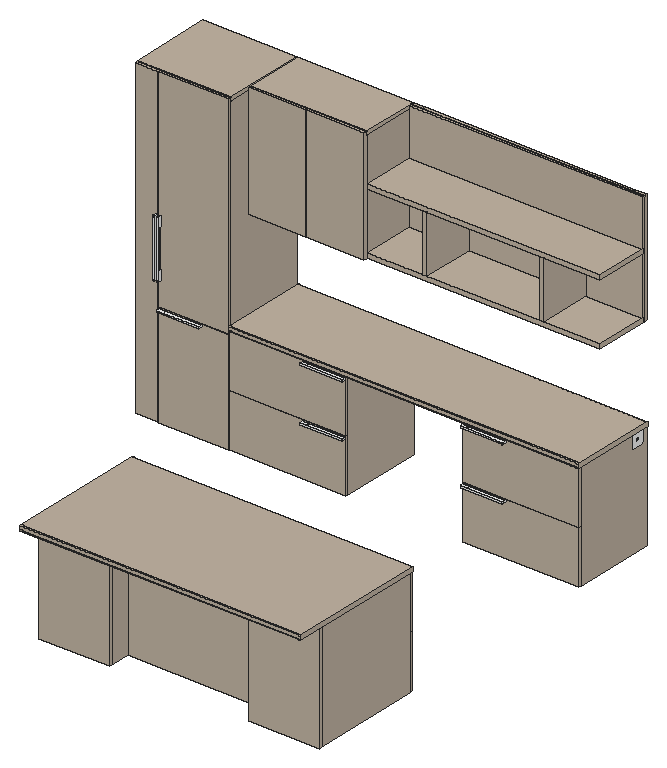
Revit family "FLT017", category Furniture, Revit 2019 (continued)
Definition of nested family "JSI-Flux-Wall_Mount_Dbl_Ht_OH"
  Forms (in)
    Extrusion 14, solid, material <- "Door Front"
      sketch origin (48, 0, -23) x (1, 0, 0) y (0, 0, 1)
        loop
          line (-36.06413, 81) -> (-36.06413, 51.75) -> (-20.18913, 51.75) -> (-20.18913, 81) -> (-36.06413, 81)
      from 4.3125 to 5.0625
    Extrusion 15, solid, material <- "Door Front"
      sketch origin (64, 0, -23) x (1, 0, 0) y (0, 0, 1)
        loop
          line (-36.06413, 81) -> (-36.06413, 51.75) -> (-20.18913, 51.75) -> (-20.18913, 81) -> (-36.06413, 81)
      from 4.3125 to 5.0625
    Extrusion 16, solid, material <- "Door Front"
      sketch origin (80, 0, -23) x (1, 0, 0) y (0, 0, 1)
        loop
          line (-36.06413, 81) -> (-36.06413, 51.75) -> (-20.18913, 51.75) -> (-20.18913, 81) -> (-36.06413, 81)
      from 4.3125 to 5.0625
    Extrusion 17, solid, material <- "Back Panel"
      sketch origin (0, 0, 0) x (0, 1, 0) y (0, 0, 1)
        loop
          line (10.75, 57.25) -> (9.9375, 57.25) -> (9.9375, 54.25) -> (10.75, 54.25) -> (10.75, 57.25)
      from -35.31413 to 59.06087
    Extrusion 18, solid, material <- "Back Panel"
      sketch origin (0, 0, 0) x (0, 1, 0) y (0, 0, 1)
        loop
          line (10.75, 54.25) -> (9.9375, 54.25) -> (9.9375, 52.0625) -> (10.75, 52.0625) -> (10.75, 54.25)
      from -34.31413 to 58.06087
    Extrusion 19, solid, material <- "Back Panel"
      sketch origin (0, 0, 0) x (0, 1, 0) y (0, 0, 1)
        loop
          line (10.75, 41.25) -> (9.9375, 41.25) -> (9.9375, 38.25) -> (10.75, 38.25) -> (10.75, 41.25)
      from -35.31413 to 59.06087
    Extrusion 20, solid, material <- "Back Panel"
      sketch origin (0, 0, 0) x (0, 1, 0) y (0, 0, 1)
        loop
          line (10.75, 38.25) -> (9.9375, 38.25) -> (9.9375, 36.0625) -> (10.75, 36.0625) -> (10.75, 38.25)
      from -34.31413 to 58.06087
  Lines and regions (in)
    symbolic lines
      curve 1: line (-36.06413, -4.3125, 0) -> (-36.06413, -5.0625, 0)
      curve 2: line (-20.06413, -4.3125, 0) -> (-20.06413, -5.0625, 0)
      curve 3: line (-20.18913, -5.0625, 0) -> (-20.18913, -4.3125, 0)
      curve 4: line (-4.18913, -5.0625, 0) -> (-4.18913, -4.3125, 0)
      curve 5: line (-20.18913, -4.3125, 0) -> (-36.06413, -4.3125, 0)
      curve 6: line (-36.06413, -5.0625, 0) -> (-20.18913, -5.0625, 0)
      curve 7: line (-4.18913, -4.3125, 0) -> (-20.06413, -4.3125, 0)
      curve 8: line (-20.06413, -5.0625, 0) -> (-4.18913, -5.0625, 0)
      curve 9: line (-36.06413, 10.75, 0) -> (-36.06413, -4.25, 0)
      curve 10: line (59.81087, 10.75, 0) -> (-36.06413, 10.75, 0)
      curve 11: line (59.81087, 10.75, 0) -> (59.81087, -4.25, 0)
      curve 12: line (59.81087, -4.25, 0) -> (-36.06413, -4.25, 0)
      curve 13: line (-4.06413, -4.3125, 0) -> (-4.06413, -5.0625, 0)
      curve 14: line (11.81087, -5.0625, 0) -> (11.81087, -4.3125, 0)
      curve 15: line (11.81087, -4.3125, 0) -> (-4.06413, -4.3125, 0)
      curve 16: line (-4.06413, -5.0625, 0) -> (11.81087, -5.0625, 0)
      curve 17: line (11.93587, -4.3125, 0) -> (11.93587, -5.0625, 0)
      curve 18: line (27.81087, -5.0625, 0) -> (27.81087, -4.3125, 0)
      curve 19: line (27.81087, -4.3125, 0) -> (11.93587, -4.3125, 0)
      curve 20: line (11.93587, -5.0625, 0) -> (27.81087, -5.0625, 0)
      curve 21: line (27.93587, -4.3125, 0) -> (27.93587, -5.0625, 0)
      curve 22: line (43.81087, -5.0625, 0) -> (43.81087, -4.3125, 0)
      curve 23: line (43.81087, -4.3125, 0) -> (27.93587, -4.3125, 0)
      curve 24: line (27.93587, -5.0625, 0) -> (43.81087, -5.0625, 0)
      curve 25: line (43.93587, -4.3125, 0) -> (43.93587, -5.0625, 0)
      curve 26: line (59.81087, -5.0625, 0) -> (59.81087, -4.3125, 0)
      curve 27: line (59.81087, -4.3125, 0) -> (43.93587, -4.3125, 0)
      curve 28: line (43.93587, -5.0625, 0) -> (59.81087, -5.0625, 0)
    symbolic lines, detail levels medium+fine
      curve 29: line (59.06087, 10.75, 0) -> (59.06087, -4.25, 0)
      curve 30: line (-35.31413, -4.25, 0) -> (-35.31413, 10.75, 0)
      curve 39: line (-35.31413, 9.1875, 0) -> (59.06087, 9.1875, 0)
      curve 40: line (59.06087, 9.1875, 0) -> (59.06087, 9.9375, 0)
      curve 41: line (59.06087, 9.9375, 0) -> (-35.31413, 9.9375, 0)
      curve 42: line (-35.31413, 9.9375, 0) -> (-35.31413, 9.1875, 0)
    symbolic lines, visible <- "Partition-L", detail levels medium+fine
      curve 31: line (-3.75163, -4.25, 0) -> (-3.75163, 9.1875, 0)
      curve 32: line (-3.75163, 9.1875, 0) -> (-4.50163, 9.1875, 0)
      curve 33: line (-4.50163, 9.1875, 0) -> (-4.50163, -4.25, 0)
      curve 34: line (-4.50163, -4.25, 0) -> (-3.75163, -4.25, 0)
    symbolic lines, visible <- "Partition-R", detail levels medium+fine
      curve 35: line (28.24837, -4.25, 0) -> (28.24837, 9.1875, 0)
      curve 36: line (28.24837, 9.1875, 0) -> (27.49837, 9.1875, 0)
      curve 37: line (27.49837, 9.1875, 0) -> (27.49837, -4.25, 0)
      curve 38: line (27.49837, -4.25, 0) -> (28.24837, -4.25, 0)
  Dimensions and locks (in)
    "Width": plane 2 "Center (Left/Right)" to plane 6
    "Depth": plane 16 to plane 3 "Center (Front/Back)"
    plane 12 to plane 13 to plane 14 to plane 15 = 0' - 0 3/4" locked, 0' - 0 1/16" locked, 0' - 2 3/16" locked
    locked: plane 16 to plane 12 at 0.0625
    locked: plane 2 "Center (Left/Right)" to plane 5 at 0.75
    locked: plane 8 to plane 9 at 0.75
    locked: plane 11 to plane 10 at 0.75
    locked: plane 7 to plane 6 at 0.75
    equal spacing: plane 2 "Center (Left/Right)", plane 17, plane 6
    "Height": plane 25 to plane 18
    "OH Elevation": plane 18 to plane 1
    locked: plane 25 to plane 24 at 0.75
    locked: plane 23 to plane 22 at 0.75
    locked: plane 20 to plane 19 at 1.1875
    "Level of Base Shelve": plane 19 to plane 18
    plane 19 to plane 21 to plane 31 = 0' - 0 1/4" locked, 0' - 0 1/4" locked
    equal spacing: plane 24, plane 26, plane 20
    locked: plane 23 to plane 26 at 0.375
    locked: plane 27 to plane 4 at 0.0625
    "Partition Distance_L": plane 2 "Center (Left/Right)" to plane 8
    "Partition Distance_R": plane 10 to plane 6
    "Shelf Width_L": plane 32 to plane 33
    "Shelf Width_R": plane 35 to plane 37
    "Shelf Width_Central": plane 34 to plane 36
    "Shelf Dist_L": plane 2 "Center (Left/Right)" to plane 32
    "Shelf Dist_C": plane 2 "Center (Left/Right)" to plane 34
    "Shelf Dist_R": plane 2 "Center (Left/Right)" to plane 35
    equal spacing: group 1, group 2, group 5, group 6, group 7, group 8  (x3)
    "Door Width": Extrusion 11 sketch curve to Extrusion 11 sketch curve
    "Door Width": Extrusion 12 sketch curve to Extrusion 12 sketch curve
    equal spacing: group 3, group 4, group 9, group 10, group 11, group 12  (x3)
    "Door Array Distance": Extrusion 11 to Extrusion 12
    "Wiring Hole Dist": plane 2 "Center (Left/Right)" to plane 38
    "Wiring Hole Dist": plane 39 to plane 6
    "Door Width": Extrusion 13 sketch curve to Extrusion 13 sketch curve
    "Door Width": Extrusion 14 sketch curve to Extrusion 14 sketch curve
    "Door Width": Extrusion 15 sketch curve to Extrusion 15 sketch curve
    "Door Width": Extrusion 16 sketch curve to Extrusion 16 sketch curve
    plane 27 to plane 28 to plane 3 "Center (Front/Back)" = 0' - 0 3/4" locked, 0' - 0 13/16" locked
    locked: plane 32 to plane 40 at 1
    locked: plane 41 to plane 37 at 1
    locked: plane 24 to plane 42 at 5.1875
    plane 44 to plane 43 to plane 20 = 0' - 5 3/16" locked, 0' - 5 7/8" locked
    locked: plane 24 to plane 46 at 3
    locked: plane 44 to plane 45 at 3
    aligned and locked: level to plane 1
    aligned and locked: Extrusion 1 sketch curve to plane 2 "Center (Left/Right)"
    aligned and locked: Extrusion 1 sketch curve to plane 5
    aligned and locked: Extrusion 1 sketch curve to plane 3 "Center (Front/Back)"
    aligned and locked: Extrusion 1 sketch curve to plane 14
    aligned and locked: Extrusion 2 sketch curve to plane 7
    aligned and locked: Extrusion 2 sketch curve to plane 6
    aligned and locked: Extrusion 2 sketch curve to plane 3 "Center (Front/Back)"
    aligned and locked: Extrusion 2 sketch curve to plane 14
    aligned and locked: plane 24 to Extrusion 1
    aligned and locked: plane 24 to Extrusion 2
    aligned and locked: Extrusion 1 to plane 18
    aligned and locked: Extrusion 2 to plane 18
    aligned and locked: Extrusion 3 sketch curve to plane 24
    aligned and locked: Extrusion 3 sketch curve to plane 25
    aligned and locked: Extrusion 3 sketch curve to plane 2 "Center (Left/Right)"
    aligned and locked: Extrusion 3 sketch curve to plane 6
    aligned and locked: Extrusion 4 sketch curve to plane 20
    aligned and locked: Extrusion 4 sketch curve to plane 19
    aligned and locked: Extrusion 4 sketch curve to plane 5
    aligned and locked: Extrusion 4 sketch curve to plane 7
    aligned and locked: Extrusion 3 to plane 3 "Center (Front/Back)"
    aligned and locked: plane 14 to Extrusion 3
    aligned and locked: Extrusion 4 to plane 27
    aligned and locked: plane 14 to Extrusion 4
    aligned and locked: Extrusion 5 sketch curve to plane 23
    aligned and locked: Extrusion 5 sketch curve to plane 22
    aligned and locked: Extrusion 6 sketch curve to plane 23
    aligned and locked: Extrusion 6 sketch curve to plane 22
    aligned and locked: Extrusion 7 sketch curve to plane 23
    aligned and locked: Extrusion 8 sketch curve to plane 24
    aligned and locked: Extrusion 8 sketch curve to plane 5
    aligned and locked: Extrusion 8 sketch curve to plane 7
    aligned and locked: Extrusion 8 sketch curve to plane 18
    aligned and locked: Extrusion 8 to plane 28
    aligned and locked: plane 27 to Extrusion 8
    aligned and locked: Extrusion 9 sketch curve to plane 8
    aligned and locked: Extrusion 9 sketch curve to plane 9
    aligned and locked: Extrusion 9 sketch curve to plane 27
    aligned and locked: Extrusion 9 sketch curve to plane 14
    aligned and locked: Extrusion 10 sketch curve to plane 11
    aligned and locked: Extrusion 10 sketch curve to plane 10
    aligned and locked: Extrusion 10 sketch curve to plane 27
    aligned and locked: Extrusion 10 sketch curve to plane 14
    aligned and locked: plane 24 to Extrusion 9
    aligned and locked: Extrusion 9 to plane 20
    aligned and locked: plane 24 to Extrusion 10
    aligned and locked: Extrusion 10 to plane 20
    aligned and locked: Extrusion 5 to plane 27
    aligned and locked: plane 15 to Extrusion 5
    aligned and locked: Extrusion 6 to plane 27
    aligned and locked: plane 15 to Extrusion 6
    aligned and locked: plane 15 to Extrusion 7
    aligned and locked: Extrusion 7 to plane 27
    aligned and locked: plane 32 to Extrusion 5
    aligned and locked: plane 33 to Extrusion 5
    aligned and locked: plane 34 to Extrusion 6
    aligned and locked: plane 36 to Extrusion 6
    aligned and locked: plane 35 to Extrusion 7
    aligned and locked: plane 37 to Extrusion 7
    aligned and locked: Extrusion 11 to plane 13
    aligned and locked: plane 12 to Extrusion 11
    aligned and locked: Extrusion 11 to plane 2 "Center (Left/Right)"
    aligned and locked: curve 1 to Extrusion 11
    aligned and locked: curve 2 to Extrusion 12
    aligned and locked: curve 3 to Extrusion 11
    aligned and locked: curve 4 to Extrusion 12
    aligned and locked: curve 5 to Extrusion 11
    aligned and locked: curve 6 to Extrusion 11
    aligned and locked: curve 7 to Extrusion 12
    aligned and locked: curve 8 to Extrusion 12
    aligned and locked: plane 17 to nested 1
    aligned and locked: plane 12 to nested 1
    aligned and locked: curve 9 to plane 2 "Center (Left/Right)"
    aligned and locked: curve 10 to plane 3 "Center (Front/Back)"
    aligned and locked: curve 11 to plane 6
    aligned and locked: curve 12 to plane 14
    aligned and locked: curve 13 to Extrusion 13
    aligned and locked: curve 14 to Extrusion 13
    aligned and locked: curve 15 to Extrusion 13
    aligned and locked: curve 16 to Extrusion 13
    aligned and locked: curve 17 to Extrusion 14
    aligned and locked: curve 18 to Extrusion 14
    aligned and locked: curve 19 to Extrusion 14
    aligned and locked: curve 20 to Extrusion 14
    aligned and locked: curve 21 to Extrusion 15
    aligned and locked: curve 22 to Extrusion 15
    aligned and locked: curve 23 to Extrusion 15
    aligned and locked: curve 24 to Extrusion 15
    aligned and locked: curve 25 to Extrusion 16
    aligned and locked: curve 26 to Extrusion 16
    aligned and locked: curve 27 to Extrusion 16
    aligned and locked: curve 28 to Extrusion 16
    aligned and locked: plane 3 "Center (Front/Back)" to Extrusion 17 sketch curve
    aligned and locked: plane 28 to Extrusion 17 sketch curve
    aligned and locked: plane 24 to Extrusion 17 sketch curve
    aligned and locked: plane 46 to Extrusion 17 sketch curve
    aligned and locked: plane 46 to Extrusion 18 sketch curve
    aligned and locked: plane 42 to Extrusion 18 sketch curve
    aligned and locked: plane 28 to Extrusion 18 sketch curve
    aligned and locked: plane 3 "Center (Front/Back)" to Extrusion 18 sketch curve
    aligned and locked: plane 44 to Extrusion 19 sketch curve
    aligned and locked: plane 45 to Extrusion 19 sketch curve
    aligned and locked: plane 28 to Extrusion 19 sketch curve
    aligned and locked: plane 3 "Center (Front/Back)" to Extrusion 19 sketch curve
    aligned and locked: plane 45 to Extrusion 20 sketch curve
    aligned and locked: plane 43 to Extrusion 20 sketch curve
    aligned and locked: plane 28 to Extrusion 20 sketch curve
    aligned and locked: plane 3 "Center (Front/Back)" to Extrusion 20 sketch curve
    aligned and locked: Extrusion 17 to plane 32
    aligned and locked: Extrusion 18 to plane 40
    aligned and locked: Extrusion 19 to plane 32
    aligned and locked: Extrusion 20 to plane 40
    aligned and locked: plane 37 to Extrusion 17
    aligned and locked: plane 37 to Extrusion 19
    aligned and locked: plane 41 to Extrusion 18
    aligned and locked: plane 41 to Extrusion 20
    aligned and locked: Extrusion 11 to plane 21
    aligned and locked: Extrusion 12 to plane 21
    aligned and locked: curve 29 to Extrusion 2
    aligned and locked: curve 30 to Extrusion 1
    aligned and locked: plane 14 to curve 30
    aligned and locked: plane 3 "Center (Front/Back)" to curve 30
    aligned and locked: plane 14 to curve 29
    aligned and locked: curve 31 to Extrusion 9
    aligned and locked: curve 32 to Extrusion 9
    aligned and locked: curve 33 to Extrusion 9
    aligned and locked: curve 34 to Extrusion 9
    aligned and locked: curve 35 to Extrusion 10
    aligned and locked: curve 36 to Extrusion 10
    aligned and locked: curve 37 to Extrusion 10
    aligned and locked: curve 38 to Extrusion 10
    aligned and locked: curve 39 to Extrusion 8
    aligned and locked: curve 40 to Extrusion 8
    aligned and locked: curve 41 to Extrusion 8
    aligned and locked: curve 42 to Extrusion 8
  Automatic sketch dimensions
    Extrusion 7 sketch curve to plane 22 = 0' - 0"
    Extrusion 7 sketch curve to plane 7 = 0' - 0"
    plane 8 to Extrusion 5 sketch curve = 0' - 0"
    Extrusion 6 sketch curve to plane 9 = 0' - 0"
    Extrusion 6 sketch curve to plane 11 = 0' - 0"
    Extrusion 7 sketch curve to plane 10 = 0' - 0"
    plane 5 to Extrusion 5 sketch curve = 0' - 0"
    Extrusion 11 sketch curve to Extrusion 11 sketch curve = 2' - 5 1/4"
    Extrusion 12 sketch curve to Extrusion 12 sketch curve = 2' - 5 1/4"
    curve 1 to curve 5 = 1' - 3 7/8"
    curve 6 to curve 3 = 0' - 0 3/4"
    curve 2 to curve 7 = 1' - 3 7/8"
    curve 8 to curve 4 = 0' - 0 3/4"
    Extrusion 13 sketch curve to Extrusion 13 sketch curve = 2' - 5 1/4"
    curve 13 to curve 15 = 1' - 3 7/8"
    curve 16 to curve 14 = 0' - 0 3/4"
    Extrusion 14 sketch curve to Extrusion 14 sketch curve = 2' - 5 1/4"
    curve 17 to curve 19 = 1' - 3 7/8"
    curve 20 to curve 18 = 0' - 0 3/4"
    Extrusion 15 sketch curve to Extrusion 15 sketch curve = 2' - 5 1/4"
    curve 21 to curve 23 = 1' - 3 7/8"
    curve 24 to curve 22 = 0' - 0 3/4"
    Extrusion 16 sketch curve to Extrusion 16 sketch curve = 2' - 5 1/4"
    curve 25 to curve 27 = 1' - 3 7/8"
    curve 28 to curve 26 = 0' - 0 3/4"
    plane 3 "Center (Front/Back)" to curve 29 = 0' - 0"
  Nested families (in)
    nested 1: "Label 1-16 OH" at (11.87337, -5.0625, 0), type "OH DOORS"
  Definition of nested family "Label 1-16 OH"
    Parameters
      Width = 0' - 1"
      Model Name = "6 Doors"
    Reference planes (in)
      plane 1: y = 0
      plane 2: x = 0
    Text (in)
      label "XX" at (0.00051, -0.12324, 0), shows "Model Name"
Definition of nested family "JSI-Flux-Wb_Pm_Ht"
  Parameters (values of type "Type Catalog - Wb, Pm Ht")
    W = no
    V_Void_Dist = if(F, 0' 0", (if(W, (if(F7, (if(Width > 1' 7", 0' 0", 0' 2")), 0' 2")), 0' 2")))  # 0' - 0"
    V_Pull_Width = if(Height > 5' 10", 1' 2 27/32", 0' 10 27/32")  # 1' - 2 27/32"
    V_Pull_R_R = if(FD, (if(L, 1 > 2, 2 > 1)), (if(F, 1 > 2, (if(W, 1 > 2, 2 > 1)))))  # no
    V_Pull_R_L = if(FD, (if(L, 2 > 1, 1 > 2)), (if(F, (if(F0, (if(L, 1 > 2, 2 > 1)), 2 > 1)), 1 > 2)))  # yes
    V_Pull_L_R = if(FD, 1 > 2, (if(F, (if(F0, (if(L, 2 > 1, 1 > 2)), 2 > 1)), (if(W, (if(L, 1 > 2, (if(Width > 2' 1", 1 > 2, (if(F0, 1 > 2, 2 > 1)))))), 1 > 2)))))  # no
    V_Pull_L_L = if(FD, 1 > 2, (if(F, 1 > 2, (if(W, (if(Width > 2' 1", (if(F0, 1 > 2, 2 > 1)), (if(L, (if(F0, 1 > 2, 2 > 1)), 1 > 2)))), 2 > 1)))))  # no
    Top_V_Void_Dist = if(W, (if(Width > 2' 1", 0' 0", 0' 2")), 0' 2")  # 0' - 2"
    Top_Pull_Dist = if(W, (if(Width > 2' 1", (if(F7, ((Width / 2) - 0' 0 7/32" - Pull_Width), ((Width / 2) - (Pull_Width / 2)))), (if(F0, (if(F1, ((Width / 2) - (Pull_Width / 2)), (if(F2, ((Width / 2) - (Pull_Width / 2)), (if(L, (0' 0 1/4" + 0' 0 1/16"), (Width - 0' 0 1/4" - 0' 0 1/16" - Pull_Width))))))), (if(L, (0' 0 1/4" + 0' 0 1/16"), (Width - 0' 0 1/4" - 0' 0 1/16" - Pull_Width))))))), (if(L, Partition Dist + 0' 0 1/16" + 0' 0 7/32", Partition Dist + 0' 0 11/16" - 0' 0 7/32" - Pull_Width)))  # 0' - 0 29/32"
    Top_Pull = if(F1, 2 > 1, (if(F2, 2 > 1, (if(F7, 2 > 1, 1 > 2)))))  # yes
    Top_2_Pull_Dist = if(W, (if(F7, (if(Width > 1' 6", ((Width / 2) + 0' 0 1/16" + 0' 0 7/32"), Width + 0' 2")), Width + 0' 2")), Width + 0' 2")  # 1' - 8 1/16"
    Top_2_Pull = if(W, (if(F7, (if(Width > 2' 1", 2 > 1, 1 > 2)), 1 > 2)), 1 > 2)  # no
    R_Vertical_Pull_Dist = if(FD, (if(L, 0' 0 1/32" + 0' 0 1/16" + 0' 0 7/32", (Width - 0' 0 1/32" - 0' 0 1/16" - 0' 0 7/32"))), L_Vertical_Pull_Dist + 0' 0 7/16" + 0' 0 1/8")  # 1' - 0 5/16"
    Pull_Width = if(Width > 2' 1", (if(F7, 0' 10 27/32", 1' 2 3/4")), 0' 10 27/32")  # 0' - 10 27/32"
    Partition = if(FD, 1 > 2, (if(W, 1 > 2, 2 > 1)))  # yes
    L_Vertical_Pull_Dist = (if(W, (if(Width > 2' 1", ((Width / 2) + 0' 0 1/16" + 0' 0 7/32"), (if(L, 0' 0 1/16" + 0' 0 7/32", Width - 0' 0 1/16" - 0' 0 7/32")))), (if(L, Partition Dist - 0' 0 7/32" - 0' 0 1/16", Partition Dist + 0' 0 3/4" - 0' 0 7/32" - 0' 0 1/16"))))  # 0' - 11 3/4"
    Hngr_R = if(W, 1 > 2, (if(FD, 1 > 2, (if(L, 2 > 1, 1 > 2)))))  # no
    Hngr_L = if(W, 1 > 2, (if(FD, 1 > 2, (if(L, 1 > 2, 2 > 1)))))  # yes
    Hanger_Dist = if(L, Partition Dist + 0' 0 3/4", Partition Dist)  # 0' - 11 9/32"
    H_Void_Width = if(F, Top_Shelf_Width + 0' 1 1/2", Width)  # 1' - 0"
    H_Void_Upper_Dist = if(F0, 0' 0", 0' 2")  # 0' - 0"
    H_Void_Top_Dist = if(FD, 0' 2", 0' 0")  # 0' - 0"
    H_Void_H_Dist = if(F, (if(L, Partition Dist + 0' 0 1/16", 0' 0")), 0' 0")  # 0' - 0"
    H_Void_C_Dist = if(F1, 0' 0", 0' 2")  # 0' - 0"
    H_Void_Bottom_Dist = if(F1, 0' 0", (if(F2, 0' 0", 0' 2")))  # 0' - 0"
    H_Dist_V_Void = if(F, (if(L, Partition Dist - 0' 0 1/16", Partition Dist + 0' 0 3/4" - 0' 0 1/16")), (Width / 2) - 0' 0 1/16")  # 0' - 11 31/32"
    H_Dist_C_Panel = if(F, (if(L, Partition Dist - 0' 0 1/32", 0' 0")), 0' 0")  # 0' - 0"
    Top_Shelf_Width = C_Shelf_Width  # 0' - 10 1/2"
    Top_Shelf_Dist = (Height - 0' 0 5/16" - 0' 1 1/2" - 0' 1 3/16") / 4.75  # 1' - 4.46711"
    Top_Shelf_Array_Dist = (Height - 0' 0 5/16" - 0' 1 1/2" - 0' 1 3/16") / 5.5  # 1' - 2.22159"
    Top = none
    Width = 1' - 6 1/16"
    URL = "www.jsifurniture.com"
    Type Comments = ""
    TAG = if(FD, "1Door", (if(F1, "BBF", (if(F2, "FF", (if(Width < 2' 1", "1 Door", "2 Doors")))))))  # "BBF"
    Shelf = none
    Series = "FLUX"  # constant formula
    Pull Finish = none
    Partition Dist = if(L, 0' 6 1/32", Width - 0' 6 1/32" - 0' 0 3/4")  # 0' - 11 9/32"
    Model = ""
    Manufacturer = "JSI"  # constant formula
    L = no
    Keynote = "12500"
    JSI Enviromental Website = "http://www.jsifurniture.com/jsi_sustainability_intro.php"
    Height = 6' - 9 7/32"
    H_Dist_Top_Shelf = if(F, (if(L, Partition Dist + 0' 0 3/4", 0' 0 3/4" + 0' 0 1/32")), 0' 0 3/4" + 0' 0 1/32")  # 0' - 0 25/32"
    H_Dist_Bottom_Shelf = if(F, (if(L, 0' 0", Width - Bottom_Shelf_Width - 0' 0 1/16" - 0' 1 1/2")), 0' 0")  # 0' - 11 1/4"
    Glides = none
    FD = no
    F7 = yes
    F2 = yes
    F1 = yes
    F0 = yes
    F = yes
    Door Line = if(W, (if(Width > 2' 1", (if(F0, (if(F7, 2 > 1, 1 > 2)), 2 > 1)), 1 > 2)), 1 > 2)  # no
    C_Shelf_Width = if(F, Width - 0' 6 1/32" - 0' 1 1/2" - 0' 0 1/32", Width - 0' 0 1/16" - 0' 1 1/2")  # 0' - 10 1/2"
    C_Pull_Dist = Top_Pull_Dist  # 0' - 0 29/32"
    C_Pull = if(F1, 2 > 1, 1 > 2)  # yes
    Bottom_Shelf_Width = if(F, 0' 5 1/4", (Width - 0' 0 1/16" - 0' 1 1/2"))  # 0' - 5 1/4"
    Bottom_Shelf_ Dist = if(FD, 1' 7", 2' 1")  # 2' - 1"
    Bottom_Pull_Dist = Top_Pull_Dist  # 0' - 0 29/32"
    Bottom Pull = if(F1, 2 > 1, (if(F2, 2 > 1, 1 > 2)))  # yes
    Back Panel = none
    Door Front = none
    Description = ""
    Depth = 1' - 9 13/16"
    Chassis = none
    Assembly Code = "E2020200"
    # of Top Shelf = if(Height > 5' 10", 3, 2)  # 3
  Reference planes (in)
    plane 1: z = 0
    plane 2 "Center (Left/Right)": x = -36.06413
    plane 3 "Center (Front/Back)": y = 10.75
    plane 4: x = -18.00163
    plane 5: x = -36.03288
    plane 6: x = -18.03288
    plane 7: y = 10.71875
    plane 8: y = -10.28125
    plane 9: x = -35.28288
    plane 10: x = -18.78288
    plane 11: x = -27.03288
    plane 12: z = 81.21875
    plane 13: z = 0.3125
    plane 14: z = 1.5
    plane 15: z = 2.25
    plane 16: z = 80.46875
    plane 17: y = 10.65625
    plane 18: y = 9.90625
    plane 19: y = 5.90625
    plane 20: y = -10.25
    plane 21: y = -6.25
    plane 22: x = -34.28288
    plane 23: x = -19.78288
    plane 24: y = -9.25
    plane 25: y = 8.90625
    plane 26: y = -11.0625
    plane 27: z = 0.4375
    plane 28: x = -35.97038
    plane 29: x = -18.09538
    plane 30: x = -27.09538
    plane 31: x = -26.97038
    plane 32: z = 81.09375
    plane 33: z = 26.5
    plane 34: z = 27.25
    plane 35: z = 14.375
    plane 36: z = 14.75
    plane 37: z = 14
    plane 38: z = 68.46875
    plane 39: z = 67.71875
    plane 40: y = -10.3125
    plane 41: y = -10.3125
    plane 42: y = -11.3125
    plane 43: y = -10.3125
    plane 44: y = -11.3125
    plane 45: y = -10.3125
    plane 46: y = -11.3125
    plane 47: y = -10.3125
    plane 48: y = -11.3125
    plane 49: z = 26.9375
    plane 50: z = 27.0625
    plane 51: z = 1.625
    plane 52: z = 14.28125
    plane 53: z = 14.34375
    plane 54: z = 14.21875
    plane 55: x = -24.78288
    plane 56: x = -24.03288
    plane 57: x = -24.09538
    plane 58: x = -23.97038
    plane 59: z = 20.64063
    plane 60: z = 20.70313
    plane 61: z = 20.57813
    plane 62: x = -36.06413
    plane 63: x = -24.06413
    plane 64: y = -10.3125
    plane 65: y = -11.3125
    plane 66: x = -24.78288
    plane 67: y = -0.15625
    plane 68: z = 77.59375
    plane 69: x = -35.15788
    plane 70: x = -35.15788
    plane 71: x = -35.15788
    plane 72: z = 26.73438
    plane 73: z = 20.375
    plane 74: z = 14.01563
    plane 75: x = -24.31413
    plane 76: x = -23.75163
    plane 77: z = 40.76563
    plane 78: x = -16.00163
    plane 79: y = -12.3125
    plane 80: y = -13.3125
  Forms (in)
    Extrusion 1, solid, material <- "Chassis"
      sketch origin (0, 0, 0) x (1, 0, 0) y (0, 1, 0)
        loop
          line (-36.03288, 10.71875) -> (-36.03288, -10.25) -> (-35.28288, -10.25) -> (-35.28288, 10.71875) -> (-36.03288, 10.71875)
      from 0.3125 to 80.46875
    Extrusion 2, solid, material <- "Chassis"
      sketch origin (0, 0, 0) x (1, 0, 0) y (0, 1, 0)
        loop
          line (-18.03288, 10.71875) -> (-18.78288, 10.71875) -> (-18.78288, -10.25) -> (-18.03288, -10.25) -> (-18.03288, 10.71875)
      from 0.3125 to 80.46875
    Extrusion 3, solid, material <- "Back Panel"
      sketch origin (0, 0, 0) x (1, 0, 0) y (0, 1, 0)
        loop
          line (-18.78288, 10.65625) -> (-35.28288, 10.65625) -> (-35.28288, 9.90625) -> (-18.78288, 9.90625) -> (-18.78288, 10.65625)
      from 0.3125 to 80.46875
    Extrusion 4, solid, material <- "Top"
      sketch origin (0, 0, 0) x (0, 1, 0) y (0, 0, 1)
        loop
          line (10.75, 81.21875) -> (-10.28125, 81.21875) -> (-10.28125, 80.46875) -> (10.75, 80.46875) -> (10.75, 81.21875)
      from -36.06413 to -18.00163
    Extrusion 5, solid, material <- "Chassis"
      sketch origin (0, 0, 0) x (0, 1, 0) y (0, 0, 1)
        loop
          line (9.90625, 1.5) -> (5.90625, 1.5) -> (5.90625, 0.3125) -> (9.90625, 0.3125) -> (9.90625, 1.5)
      from -35.28288 to -18.78288
    Extrusion 6, solid, material <- "Chassis"
      sketch origin (0, 0, 0) x (0, 1, 0) y (0, 0, 1)
        loop
          line (-6.25, 1.5) -> (-10.25, 1.5) -> (-10.25, 0.3125) -> (-6.25, 0.3125) -> (-6.25, 1.5)
      from -35.28288 to -18.78288
    Extrusion 7, solid, material <- "Shelf"
      sketch origin (0, 0, 0) x (0, 1, 0) y (0, 0, 1)
        loop
          line (9.90625, 1.5) -> (9.90625, 2.25) -> (-10.25, 2.25) -> (-10.25, 1.5) -> (9.90625, 1.5)
      from -35.28288 to -18.78288
    Extrusion 8, solid, material <- "Glides"
      sketch origin (0, 0, 0) x (1, 0, 0) y (0, 1, 0)
        loop
          circle (-34.28288, 8.90625) r 0.5
      from 0 to 0.3125
    Extrusion 9, solid, material <- "Glides"
      sketch origin (0, 0, 0) x (1, 0, 0) y (0, 1, 0)
        loop
          circle (-19.78288, 8.90625) r 0.5
      from 0 to 0.3125
    Extrusion 10, solid, material <- "Glides"
      sketch origin (0, 0, 0) x (1, 0, 0) y (0, 1, 0)
        loop
          circle (-34.28288, -9.25) r 0.5
      from 0 to 0.3125
    Extrusion 11, solid, material <- "Glides"
      sketch origin (0, 0, 0) x (1, 0, 0) y (0, 1, 0)
        loop
          circle (-19.78288, -9.25) r 0.5
      from 0 to 0.3125
    Extrusion 12, solid, material <- "Shelf"
      sketch origin (0, 0, 0) x (1, 0, 0) y (0, 0, 1)
        loop
          line (-35.28288, 26.5) -> (-24.78288, 26.5) -> (-24.78288, 27.25) -> (-35.28288, 27.25) -> (-35.28288, 26.5)
      from -9.90625 to 10.25
    Extrusion 13, solid, material <- "Shelf"
      sketch origin (2.625, 0, 0) x (1, 0, 0) y (0, 0, 1)
        loop
          line (-26.65788, 14) -> (-21.40788, 14) -> (-21.40788, 14.75) -> (-26.65788, 14.75) -> (-26.65788, 14)
      from -9.90625 to 10.25
    Extrusion 14, solid, material <- "Shelf"
      sketch origin (-1, 0, -3.71711) x (1, 0, 0) y (0, 0, 1)
        loop
          line (-34.28288, 68.46875) -> (-34.28288, 67.71875) -> (-23.78288, 67.71875) -> (-23.78288, 68.46875) -> (-34.28288, 68.46875)
      from -9.90625 to 9.25
    Extrusion 15, solid, material <- "Shelf"
      sketch origin (-1, 0, -17.9387) x (1, 0, 0) y (0, 0, 1)
        loop
          line (-34.28288, 68.46875) -> (-34.28288, 67.71875) -> (-23.78288, 67.71875) -> (-23.78288, 68.46875) -> (-34.28288, 68.46875)
      from -9.90625 to 9.25
    Extrusion 16, solid, material <- "Shelf"
      sketch origin (-1, 0, -32.16029) x (1, 0, 0) y (0, 0, 1)
        loop
          line (-34.28288, 68.46875) -> (-34.28288, 67.71875) -> (-23.78288, 67.71875) -> (-23.78288, 68.46875) -> (-34.28288, 68.46875)
      from -9.90625 to 9.25
    Extrusion 17, solid, material <- "Door Front"
      sketch origin (0, 0, 0) x (1, 0, 0) y (0, 1, 0)
        loop
          line (-35.97038, -10.3125) -> (-35.97038, -11.0625) -> (-18.09538, -11.0625) -> (-18.09538, -10.3125) -> (-35.97038, -10.3125)
      from 0.4375 to 81.09375
    Extrusion 18, solid, material <- "Chassis", visible <- "Partition"
      sketch origin (0, 0, 0) x (1, 0, 0) y (0, 1, 0)
        loop
          line (-24.78288, 9.90625) -> (-24.78288, -10.25) -> (-24.03288, -10.25) -> (-24.03288, 9.90625) -> (-24.78288, 9.90625)
      from 2.25 to 80.46875
    Extrusion 19, void
      sketch origin (0, 0, 0) x (1, 0, 0) y (0, 1, 0)
        loop
          line (-24.09538, -10.3125) -> (-24.09538, -11.3125) -> (-23.97038, -11.3125) -> (-23.97038, -10.3125) -> (-24.09538, -10.3125)
      from 0.3125 to 81.21875
    Extrusion 20, void
      sketch origin (0, 0, 0) x (1, 0, 0) y (0, 0, 1)
        loop
          line (-36.06413, 26.9375) -> (-24.06413, 26.9375) -> (-24.06413, 27.0625) -> (-36.06413, 27.0625) -> (-36.06413, 26.9375)
      from 10.3125 to 11.3125
    Extrusion 21, void
      sketch origin (0, 0, 0) x (1, 0, 0) y (0, 0, 1)
        loop
          line (-36.06413, 20.70313) -> (-36.06413, 20.57813) -> (-24.06413, 20.57813) -> (-24.06413, 20.70313) -> (-36.06413, 20.70313)
      from 10.3125 to 11.3125
    Extrusion 22, void
      sketch origin (0, 0, 0) x (1, 0, 0) y (0, 0, 1)
        loop
          line (-36.06413, 14.34375) -> (-36.06413, 14.21875) -> (-24.06413, 14.21875) -> (-24.06413, 14.34375) -> (-36.06413, 14.34375)
      from 10.3125 to 11.3125
    Extrusion 23, void
      sketch origin (0, 0, 0) x (1, 0, 0) y (0, 0, 1)
        loop
          line (-36.06413, 81.21875) -> (-36.06413, 27.0625) -> (-24.06413, 27.0625) -> (-24.06413, 81.21875) -> (-36.06413, 81.21875)
      from 10.3125 to 11.3125
    Extrusion 24, void
      sketch origin (0, 0, 0) x (1, 0, 0) y (0, 1, 0)
        loop
          line (-24.09538, -12.3125) -> (-24.09538, -13.3125) -> (-23.97038, -13.3125) -> (-23.97038, -12.3125) -> (-24.09538, -12.3125)
      from 26.9375 to 81.21875
  Cuts and joins
    Extrusion 19, Extrusion 20, Extrusion 21, Extrusion 22, Extrusion 23, Extrusion 24 cuts Extrusion 17
  Lines and regions (in)
    symbolic lines
      curve 1: line (-36.06413, 10.75, 0) -> (-36.06413, -10.28125, 0)
      curve 2: line (-18.00163, 10.75, 0) -> (-36.06413, 10.75, 0)
      curve 3: line (-18.00163, -10.28125, 0) -> (-36.06413, -10.28125, 0)
      curve 4: line (-18.00163, 10.75, 0) -> (-18.00163, -10.28125, 0)
      curve 15: line (-35.97038, -10.3125, 0) -> (-35.97038, -11.0625, 0)
      curve 16: line (-18.09538, -10.3125, 0) -> (-23.97038, -10.3125, 0)
      curve 17: line (-18.09538, -11.0625, 0) -> (-23.97038, -11.0625, 0)
      curve 18: line (-18.09538, -10.3125, 0) -> (-18.09538, -11.0625, 0)
      curve 21: line (-24.09538, -10.3125, 0) -> (-35.97038, -10.3125, 0)
      curve 22: line (-24.09538, -11.0625, 0) -> (-35.97038, -11.0625, 0)
    symbolic lines, detail levels medium+fine
      curve 5: line (-36.03288, 10.71875, 0) -> (-36.03288, -10.25, 0)
      curve 6: line (-35.28288, 10.71875, 0) -> (-35.28288, -10.25, 0)
      curve 7: line (-18.78288, 10.71875, 0) -> (-18.78288, -10.25, 0)
      curve 8: line (-18.03288, 10.71875, 0) -> (-18.03288, -10.25, 0)
      curve 9: line (-35.28288, 10.71875, 0) -> (-36.03288, 10.71875, 0)
      curve 10: line (-35.28288, -10.25, 0) -> (-36.03288, -10.25, 0)
      curve 11: line (-18.03288, 10.71875, 0) -> (-18.78288, 10.71875, 0)
      curve 12: line (-18.03288, -10.25, 0) -> (-18.78288, -10.25, 0)
      curve 13: line (-18.78288, 10.65625, 0) -> (-35.28288, 10.65625, 0)
      curve 14: line (-18.78288, 9.90625, 0) -> (-35.28288, 9.90625, 0)
    symbolic lines, visible <- "F"
      curve 19: line (-24.09538, -10.3125, 0) -> (-24.09538, -11.0625, 0)
      curve 20: line (-23.97038, -10.3125, 0) -> (-23.97038, -11.0625, 0)
    symbolic lines, visible <- "FD"
      curve 23: line (-24.09538, -10.3125, 0) -> (-23.97038, -10.3125, 0)
      curve 24: line (-24.09538, -11.0625, 0) -> (-23.97038, -11.0625, 0)
    symbolic lines, visible <- "Door Line"
      curve 25: line (-24.09538, -10.3125, 0) -> (-24.09538, -11.0625, 0)
      curve 26: line (-23.97038, -10.3125, 0) -> (-23.97038, -11.0625, 0)
    symbolic lines, visible <- "W"
      curve 27: line (-24.09538, -11.0625, 0) -> (-23.97038, -11.0625, 0)
      curve 28: line (-24.09538, -10.3125, 0) -> (-23.97038, -10.3125, 0)
  Dimensions and locks (in)
    locked: plane 2 "Center (Left/Right)" to plane 5 at 0.03125
    locked: plane 6 to plane 4 at 0.03125
    "Width": plane 2 "Center (Left/Right)" to plane 4
    locked: plane 7 to plane 3 "Center (Front/Back)" at 0.03125
    locked: plane 5 to plane 9 at 0.75
    locked: plane 10 to plane 6 at 0.75
    equal spacing: plane 2 "Center (Left/Right)", plane 11, plane 4
    "Height": plane 12 to plane 1
    locked: plane 12 to plane 16 at 0.75
    locked: plane 13 to plane 1 at 0.3125
    locked: plane 15 to plane 14 at 0.75
    locked: plane 14 to plane 13 at 1.1875
    plane 18 to plane 17 to plane 7 = 0' - 0 3/4" locked, 0' - 0 1/16" locked
    locked: plane 19 to plane 18 at 4
    plane 40 to plane 8 to plane 20 = 0' - 0 1/32", 0' - 0 1/32"
    locked: plane 20 to plane 21 at 4
    locked: plane 9 to plane 22 at 1
    locked: plane 23 to plane 10 at 1
    locked: plane 20 to plane 24 at 1
    locked: plane 25 to plane 18 at 1
    locked: curve 5 to curve 6 at 0.75
    locked: curve 7 to curve 8 at 0.75
    locked: plane 27 to plane 13 at 0.125
    locked: plane 5 to plane 28 at 0.0625
    locked: plane 29 to plane 6 at 0.0625
    plane 30 to plane 11 to plane 31 = 0' - 0 1/16" locked, 0' - 0 1/16" locked
    locked: plane 12 to plane 32 at 0.125
    locked: plane 34 to plane 33 at 0.75
    "Bottom_Shelf_ Dist": plane 34 to plane 15
    equal spacing: plane 33, plane 35, plane 15
    plane 36 to plane 35 to plane 37 = 0' - 0 3/8" locked, 0' - 0 3/8" locked
    locked: plane 38 to plane 39 at 0.75
    locked: plane 26 to plane 40 at 0.75
    "Depth": plane 26 to plane 3 "Center (Front/Back)"
    "C_Shelf_Width": Extrusion 12 sketch curve to Extrusion 12 sketch curve
    "Bottom_Shelf_Width": Extrusion 13 sketch curve to Extrusion 13 sketch curve
    "H_Dist_Bottom_Shelf": Extrusion 13 to plane 9
    "H_Dist_C_Panel": Extrusion 12 to plane 9
    "Top_Shelf_Width": Extrusion 14 sketch curve to Extrusion 14 sketch curve
    locked: Extrusion 14 sketch curve to Extrusion 14 sketch curve at 0.75
    "Top_Shelf_Width": Extrusion 15 sketch curve to Extrusion 15 sketch curve
    locked: Extrusion 15 sketch curve to Extrusion 15 sketch curve at 0.75
    equal spacing: group 1, group 2, group 3  (x2)
    equal spacing: group 3, group 2, group 1
    "H_Dist_Top_Shelf": Extrusion 14 to plane 2 "Center (Left/Right)"
    "Top_Shelf_Dist": plane 12 to Extrusion 14
    "Top_Shelf_Array_Dist": Extrusion 14 to Extrusion 15
    "Top_Shelf_Width": Extrusion 16 sketch curve to Extrusion 16 sketch curve
    locked: Extrusion 16 sketch curve to Extrusion 16 sketch curve at 0.75
    locked: plane 34 to plane 49 at 0.3125
    locked: plane 50 to plane 49 at 0.125
    locked: plane 51 to plane 14 at 0.125
    equal spacing: plane 49, plane 52, plane 51
    plane 53 to plane 52 to plane 54 = 0' - 0 1/16" locked, 0' - 0 1/16" locked
    locked: plane 55 to plane 56 at 0.75
    "Partition Dist": plane 2 "Center (Left/Right)" to plane 55
    locked: plane 57 to plane 58 at 0.125
    "H_Dist_V_Void": plane 2 "Center (Left/Right)" to plane 57
    equal spacing: plane 49, plane 59, plane 53
    plane 60 to plane 59 to plane 61 = 0' - 0 1/16" locked, 0' - 0 1/16" locked
    "H_Void_Width": plane 62 to plane 63
    "H_Void_H_Dist": plane 2 "Center (Left/Right)" to plane 62
    "V_Void_Dist": plane 41 to plane 40
    "H_Void_Top_Dist": plane 43 to plane 40
    "H_Void_C_Dist": plane 45 to plane 40
    "H_Void_Bottom_Dist": plane 47 to plane 40
    locked: plane 42 to plane 41 at 1
    locked: plane 44 to plane 43 at 1
    locked: plane 46 to plane 45 at 1
    locked: plane 48 to plane 47 at 1
    locked: plane 65 to plane 64 at 1
    "H_Void_Upper_Dist": plane 64 to plane 40
    equal spacing: plane 26, plane 67, plane 3 "Center (Front/Back)"
    locked: plane 12 to plane 68 at 3.625
    "Hanger_Dist": plane 2 "Center (Left/Right)" to plane 66
    locked: plane 49 to plane 72 at 0.20313
    locked: plane 61 to plane 73 at 0.20312
    locked: plane 54 to plane 74 at 0.20312
    "Top_Pull_Dist": plane 2 "Center (Left/Right)" to plane 69
    "C_Pull_Dist": plane 2 "Center (Left/Right)" to plane 70
    "Bottom_Pull_Dist": plane 2 "Center (Left/Right)" to plane 71
    plane 12 to plane 13 = 6' - 8 29/32"
    equal spacing: plane 12, plane 77, plane 13
    "L_Vertical_Pull_Dist": plane 2 "Center (Left/Right)" to plane 75
    "R_Vertical_Pull_Dist": plane 2 "Center (Left/Right)" to plane 76
    "Top_2_Pull_Dist": plane 2 "Center (Left/Right)" to plane 78
    locked: plane 80 to plane 79 at 1
    "Top_V_Void_Dist": plane 79 to plane 43
    radius of Extrusion 8 sketch curve = 0' - 0 1/2"
    radius of Extrusion 9 sketch curve = 0' - 0 1/2"
    radius of Extrusion 10 sketch curve = 0' - 0 1/2"
    radius of Extrusion 11 sketch curve = 0' - 0 1/2"
    aligned and locked: level to plane 1
    aligned and locked: Extrusion 1 sketch curve to plane 5
    aligned and locked: Extrusion 1 sketch curve to plane 9
    aligned and locked: Extrusion 1 sketch curve to plane 7
    aligned and locked: Extrusion 2 sketch curve to plane 7
    aligned and locked: Extrusion 2 sketch curve to plane 6
    aligned and locked: Extrusion 2 sketch curve to plane 10
    aligned and locked: Extrusion 3 sketch curve to plane 17
    aligned and locked: Extrusion 3 sketch curve to plane 18
    aligned and locked: Extrusion 3 sketch curve to plane 9
    aligned and locked: Extrusion 3 sketch curve to plane 10
    aligned and locked: plane 16 to Extrusion 3
    aligned and locked: plane 3 "Center (Front/Back)" to Extrusion 4 sketch curve
    aligned and locked: plane 12 to Extrusion 4 sketch curve
    aligned and locked: plane 16 to Extrusion 4 sketch curve
    aligned and locked: plane 8 to Extrusion 4 sketch curve
    aligned and locked: Extrusion 4 to plane 2 "Center (Left/Right)"
    aligned and locked: plane 4 to Extrusion 4
    aligned and locked: plane 18 to Extrusion 5 sketch curve
    aligned and locked: plane 19 to Extrusion 5 sketch curve
    aligned and locked: plane 13 to Extrusion 5 sketch curve
    aligned and locked: plane 14 to Extrusion 5 sketch curve
    aligned and locked: Extrusion 3 to plane 13
    aligned and locked: plane 21 to Extrusion 6 sketch curve
    aligned and locked: plane 20 to Extrusion 6 sketch curve
    aligned and locked: plane 13 to Extrusion 6 sketch curve
    aligned and locked: plane 14 to Extrusion 6 sketch curve
    aligned and locked: Extrusion 5 to plane 9
    aligned and locked: Extrusion 6 to plane 9
    aligned and locked: plane 10 to Extrusion 6
    aligned and locked: plane 10 to Extrusion 5
    aligned and locked: plane 14 to Extrusion 7 sketch curve
    aligned and locked: plane 15 to Extrusion 7 sketch curve
    aligned and locked: plane 18 to Extrusion 7 sketch curve
    aligned and locked: plane 20 to Extrusion 7 sketch curve
    aligned and locked: Extrusion 7 to plane 9
    aligned and locked: plane 10 to Extrusion 7
    aligned and locked: Extrusion 10 to plane 1
    aligned and locked: Extrusion 8 to plane 1
    aligned and locked: plane 13 to Extrusion 8
    aligned and locked: plane 13 to Extrusion 10
    aligned and locked: Extrusion 11 to plane 1
    aligned and locked: Extrusion 9 to plane 1
    aligned and locked: plane 13 to Extrusion 9
    aligned and locked: plane 13 to Extrusion 11
    aligned and locked: plane 11 to nested 1
    aligned and locked: curve 1 to plane 2 "Center (Left/Right)"
    aligned and locked: curve 2 to plane 3 "Center (Front/Back)"
    aligned and locked: curve 4 to plane 4
    aligned and locked: curve 9 to plane 7
    aligned and locked: curve 11 to plane 7
    aligned and locked: curve 5 to plane 5
    aligned and locked: curve 7 to plane 10
    aligned and locked: plane 9 to curve 14
    aligned and locked: plane 10 to curve 13
    aligned and locked: plane 10 to curve 14
    aligned and locked: plane 26 to nested 1
    aligned and locked: plane 8 to Extrusion 4
    aligned and locked: plane 20 to Extrusion 1
    aligned and locked: curve 10 to plane 20
    aligned and locked: curve 12 to plane 20
    aligned and locked: plane 20 to Extrusion 2
    aligned and locked: Extrusion 12 sketch curve to plane 33
    aligned and locked: Extrusion 12 sketch curve to plane 34
    aligned and locked: Extrusion 12 to plane 18
    aligned and locked: plane 20 to Extrusion 12
    aligned and locked: Extrusion 13 sketch curve to plane 37
    aligned and locked: Extrusion 13 sketch curve to plane 36
    aligned and locked: Extrusion 14 to plane 18
    aligned and locked: plane 24 to Extrusion 14
    aligned and locked: Extrusion 14 to Extrusion 15
    aligned and locked: Extrusion 17 sketch curve to plane 28
    aligned and locked: Extrusion 17 sketch curve to plane 40
    aligned and locked: Extrusion 17 sketch curve to plane 26
    aligned and locked: Extrusion 17 sketch curve to plane 29
    aligned and locked: Extrusion 17 to plane 27
    aligned and locked: plane 32 to Extrusion 17
    aligned and locked: Extrusion 18 sketch curve to plane 55
    aligned and locked: Extrusion 18 sketch curve to plane 56
    aligned and locked: Extrusion 18 sketch curve to plane 18
    aligned and locked: Extrusion 18 sketch curve to plane 20
    aligned and locked: Extrusion 18 to plane 15
    aligned and locked: plane 16 to Extrusion 18
    aligned and locked: Extrusion 13 to plane 18
    aligned and locked: plane 20 to Extrusion 13
    aligned and locked: Extrusion 19 sketch curve to plane 57
    aligned and locked: Extrusion 19 sketch curve to plane 58
    aligned and locked: Extrusion 19 sketch curve to plane 41
    aligned and locked: Extrusion 19 sketch curve to plane 42
    aligned and locked: Extrusion 19 to plane 13
    aligned and locked: plane 12 to Extrusion 19
    aligned and locked: Extrusion 20 sketch curve to plane 49
    aligned and locked: Extrusion 20 sketch curve to plane 50
    aligned and locked: Extrusion 20 sketch curve to plane 62
    aligned and locked: Extrusion 20 sketch curve to plane 63
    aligned and locked: plane 44 to Extrusion 20
    aligned and locked: Extrusion 20 to plane 43
    aligned and locked: Extrusion 21 sketch curve to plane 60
    aligned and locked: Extrusion 21 sketch curve to plane 61
    aligned and locked: Extrusion 21 sketch curve to plane 62
    aligned and locked: Extrusion 21 sketch curve to plane 63
    aligned and locked: plane 46 to Extrusion 21
    aligned and locked: Extrusion 21 to plane 45
    aligned and locked: Extrusion 22 sketch curve to plane 53
    aligned and locked: Extrusion 22 sketch curve to plane 54
    aligned and locked: Extrusion 22 sketch curve to plane 62
    aligned and locked: Extrusion 22 sketch curve to plane 63
    aligned and locked: plane 48 to Extrusion 22
    aligned and locked: Extrusion 22 to plane 47
    aligned and locked: Extrusion 23 sketch curve to plane 12
    aligned and locked: Extrusion 23 sketch curve to plane 62
    aligned and locked: Extrusion 23 sketch curve to plane 63
    aligned and locked: Extrusion 23 sketch curve to plane 50
    aligned and locked: plane 65 to Extrusion 23
    aligned and locked: Extrusion 23 to plane 64
    aligned and locked: plane 66 to nested 2
    aligned and locked: plane 68 to nested 2
    aligned and locked: plane 67 to nested 2
    aligned and locked: nested 3 to plane 69
    aligned and locked: nested 4 to plane 70
    aligned and locked: nested 5 to plane 71
    aligned and locked: plane 72 to nested 3
    aligned and locked: plane 73 to nested 4
    aligned and locked: plane 74 to nested 5
    aligned and locked: plane 77 to nested 6
    aligned and locked: plane 75 to nested 6
    aligned and locked: plane 77 to nested 7
    aligned and locked: plane 76 to nested 7
    aligned and locked: plane 26 to nested 3
    aligned and locked: nested 4 to plane 26
    aligned and locked: plane 26 to nested 5
    aligned and locked: plane 26 to nested 6
    aligned and locked: plane 26 to nested 7
    aligned and locked: plane 16 to Extrusion 1
    aligned and locked: plane 16 to Extrusion 2
    aligned and locked: curve 15 to plane 28
    aligned and locked: curve 16 to plane 40
    aligned and locked: curve 17 to plane 26
    aligned and locked: curve 18 to plane 29
    aligned and locked: plane 58 to curve 24
    aligned and locked: plane 40 to curve 23
    aligned and locked: plane 26 to curve 24
    aligned and locked: plane 72 to nested 8
    aligned and locked: nested 8 to plane 78
    aligned and locked: Extrusion 24 sketch curve to plane 57
    aligned and locked: Extrusion 24 sketch curve to plane 58
    aligned and locked: Extrusion 24 sketch curve to plane 79
    aligned and locked: Extrusion 24 sketch curve to plane 80
    aligned and locked: plane 12 to Extrusion 24
    aligned and locked: Extrusion 24 to plane 49
    aligned and locked: curve 25 to plane 57
    aligned and locked: curve 26 to plane 58
    aligned and locked: plane 40 to curve 26
    aligned and locked: plane 26 to curve 26
    aligned and locked: plane 26 to curve 27
    aligned and locked: plane 40 to curve 28
  Automatic sketch dimensions
    Extrusion 8 sketch curve to plane 22 = 0' - 0"
    plane 25 to Extrusion 8 sketch curve = 0' - 0"
    Extrusion 9 sketch curve to plane 23 = 0' - 0"
    plane 25 to Extrusion 9 sketch curve = 0' - 0"
    Extrusion 10 sketch curve to plane 22 = 0' - 0"
    plane 24 to Extrusion 10 sketch curve = 0' - 0"
    Extrusion 11 sketch curve to plane 23 = 0' - 0"
    plane 24 to Extrusion 11 sketch curve = 0' - 0"
    plane 20 to Extrusion 1 sketch curve = 0' - 0"
    plane 20 to Extrusion 2 sketch curve = 0' - 0"
    plane 8 to curve 4 = 0' - 0"
    plane 18 to curve 14 = 0' - 0"
    plane 17 to curve 13 = 0' - 0"
    Extrusion 12 sketch curve to plane 9 = 0' - 0"
    Extrusion 13 sketch curve to plane 56 = 0' - 0"
  Nested families (in)
    nested 1: "Label 1-16" at (-27.03288, -11.0625, 0), type "DRWCFG"
    nested 2: "Hanger" at (-28.02501, -0.15625, 77.59375), Hngr L <- "Hngr_L", Hngr R <- "Hngr_R", Hanger Finish <- "Pull Finish", type "HNGR"
      with Hngr R no, Hngr L yes, Hanger Finish none
    nested 3: "Bar Pull CL" at (-32.97814, -11.0625, 26.73438), visible <- "Top_Pull", Pull Line <- "Top_Pull", Pull Finish <- "Pull Finish", type "PL"
      with Pull Line yes, Pull Finish none, Stud 0' - 1.54911", Pull Width 0' - 10 27/32"
    nested 4: "Bar Pull CL" at (-32.97814, -11.0625, 20.375), visible <- "C_Pull", Pull Line <- "C_Pull", Pull Finish <- "Pull Finish", type "PL"
      with Pull Line yes, Pull Finish none, Stud 0' - 1.54911", Pull Width 0' - 10 27/32"
    nested 5: "Bar Pull CL" at (-32.97814, -11.0625, 14.01563), visible <- "Bottom Pull", Pull Line <- "Bottom Pull", Pull Finish <- "Pull Finish", type "PL"
      with Pull Line yes, Pull Finish none, Stud 0' - 1.54911", Pull Width 0' - 10 27/32"
    nested 6: "Bar Pull V" at (-27.55626, -11.0625, 40.76563), Pull R <- "V_Pull_L_R", Pull L <- "V_Pull_L_L", Pull Finish <- "Pull Finish", type "PL"
      with Pull R no, Pull L no, Pull Finish none, Tuks Width 0' - 2.47396", Pull Width 1' - 2 27/32"
    nested 7: "Bar Pull V" at (-26.99376, -11.0625, 40.76563), Pull R <- "V_Pull_R_R", Pull L <- "V_Pull_R_L", Pull Finish <- "Pull Finish", type "PL"
      with Pull R no, Pull L yes, Pull Finish none, Tuks Width 0' - 2.47396", Pull Width 1' - 2 27/32"
    nested 8: "Bar Pull CL" at (-13.82189, -11.0625, 26.73438), Pull Finish <- "Pull Finish", visible <- "Top_2_Pull", Pull Line <- "Top_2_Pull", type "PL"
      with Pull Line no, Pull Finish none, Stud 0' - 1.54911", Pull Width 0' - 10 27/32"
  Definition of nested family "Hanger"
    Parameters
      Hngr L [instance] = yes
      Hngr R [instance] = yes
      Hanger Finish [instance] = none
    Reference planes (in)
      plane 1 "Center Front/Back": y = 0
      plane 2: z = 0
      plane 3 "Center Left/Right": x = 3.24213
    Forms (in)
      Extrusion 1, solid, material <- "Hanger Finish", visible <- "Hngr R"
        sketch origin (0, 0, -65.69959) x (1, 0, 0) y (0, 0, 1)
          loop
            line (3.24213, 65.32459) -> (3.24213, 63.58858)
            arc (3.24213, 63.58858) -> (3.7521, 62.87944) -> (4.58667, 63.13722) r 0.74803
            line (4.58667, 63.13722) -> (4.85512, 63.492) -> (4.73078, 63.58608) -> (4.45513, 63.2218)
            arc (4.45513, 63.2218) -> (3.83, 63.04103) -> (3.47835, 63.58858) r 0.54433
            line (3.47835, 63.58858) -> (3.55698, 64.7131)
            arc (3.55698, 64.7131) -> (3.65039, 65.09816) -> (3.86566, 65.43082) r 1.18359
            line (3.86566, 65.43082) -> (3.6823, 65.63583) -> (3.37377, 65.35987)
            arc (3.37377, 65.35987) -> (3.31215, 65.32654) -> (3.24213, 65.32459) r 0.15109
        from -0.46747 to 0.46747
      Extrusion 2, void
        sketch origin (3.24213, 0, -65.69959) x (0, 1, 0) y (0, 0, 1)
          loop
            line (0.46747, 65.91904) -> (0.30479, 62.81504) -> (0.46747, 62.81504) -> (0.46747, 65.91904)
          loop
            line (-0.46747, 65.91904) -> (-0.46747, 62.81504) -> (-0.30479, 62.81504) -> (-0.46747, 65.91904)
        from -1.75548 to 1.75581
      Extrusion 3, solid, material <- "Hanger Finish", visible <- "Hngr L"
        sketch origin (6.48425, 0, -65.69959) x (-1, 0, 0) y (0, 0, -1)
          loop
            arc (3.24213, -65.32459) -> (3.31215, -65.32654) -> (3.37377, -65.35987) r 0.15109
            line (3.37377, -65.35987) -> (3.6823, -65.63583) -> (3.86566, -65.43082)
            arc (3.86566, -65.43082) -> (3.65039, -65.09816) -> (3.55698, -64.7131) r 1.18359
            line (3.55698, -64.7131) -> (3.47835, -63.58858)
            arc (3.47835, -63.58858) -> (3.83, -63.04103) -> (4.45513, -63.2218) r 0.54433
            line (4.45513, -63.2218) -> (4.73078, -63.58608) -> (4.85512, -63.492) -> (4.58667, -63.13722)
            arc (4.58667, -63.13722) -> (3.7521, -62.87944) -> (3.24213, -63.58858) r 0.74803
            line (3.24213, -63.58858) -> (3.24213, -65.32459)
        from -0.46747 to 0.46747
    Cuts and joins
      Extrusion 2 cuts Extrusion 3
      Extrusion 2 cuts Extrusion 1
    Dimensions and locks (in)
      aligned and locked: level to plane 2
  Definition of nested family "Bar Pull CL"
    Parameters
      Stud = Pull Width / 7  # 0' - 2.12054"
      Pull Width = 1' - 2 27/32"
      Pull Line [instance] = yes
      Pull Finish [instance] = none
    Reference planes (in)
      plane 1 "Center Front/Back": y = 0
      plane 2: z = 0
      plane 3 "Center Left/Right": x = 3.24213
    Forms (in)
      Extrusion 1, solid, material <- "Pull Finish"
        sketch origin (0, 0, 0) x (1, 0, 0) y (0, 1, 0)
          loop
            line (-4.17975, 0) -> (-4.17975, -0.85113)
            arc (-4.17975, -0.85113) -> (-4.15229, -0.91742) -> (-4.086, -0.94488) r 0.09375
            line (-4.086, -0.94488) -> (10.58526, -0.94488)
            arc (10.58526, -0.94488) -> (10.64094, -0.92182) -> (10.664, -0.86614) r 0.07874
            line (10.664, -0.86614) -> (10.664, 0) -> (8.54347, 0) -> (8.54347, -0.70177)
            arc (8.54347, -0.70177) -> (8.50685, -0.79016) -> (8.41847, -0.82677) r 0.125
            line (8.41847, -0.82677) -> (-1.93421, -0.82677)
            arc (-1.93421, -0.82677) -> (-2.0226, -0.79016) -> (-2.05921, -0.70177) r 0.125
            line (-2.05921, -0.70177) -> (-2.05921, 0) -> (-4.17975, 0)
        from -0.43307 to -0.11811
      Extrusion 2, solid, material <- "Pull Finish"
        sketch origin (0, 0, 0) x (1, 0, 0) y (0, 1, 0)
          loop
            line (-4.17975, 0) -> (-4.17975, -0.85113)
            arc (-4.17975, -0.85113) -> (-4.15229, -0.91742) -> (-4.086, -0.94488) r 0.09375
            line (-4.086, -0.94488) -> (10.58526, -0.94488)
            arc (10.58526, -0.94488) -> (10.64094, -0.92182) -> (10.664, -0.86614) r 0.07874
            line (10.664, -0.86614) -> (10.664, 0) -> (-4.17975, 0)
        from 0 to -0.11811
    Cuts and joins
      joined: Extrusion 1, Extrusion 2
    Lines and regions (in)
      symbolic lines, visible <- "Pull Line"
        curve 1: line (-4.17975, 0, 0) -> (-4.17975, -0.85113, 0)
        curve 2: line (10.664, -0.86614, 0) -> (10.664, 0, 0)
        curve 3: line (-4.086, -0.94488, 0) -> (10.58526, -0.94488, 0)
        curve 4: arc (-4.17975, -0.85113, 0) -> (-4.15229, -0.91742, 0) -> (-4.086, -0.94488, 0) r 0.09375
        curve 5: arc (10.58526, -0.94488, 0) -> (10.64094, -0.92182, 0) -> (10.664, -0.86614, 0) r 0.07874
    Dimensions and locks (in)
      equal spacing: Extrusion 1 sketch curve, plane 3 "Center Left/Right", Extrusion 1 sketch curve
      "Stud": Extrusion 1 sketch curve to Extrusion 1 sketch curve  (x2)
      "Pull Width": Extrusion 1 sketch curve to Extrusion 1 sketch curve
      aligned and locked: level to plane 2
      aligned and locked: Extrusion 2 sketch curve to Extrusion 1  (x2)
      aligned and locked: cut or joined group of Extrusion 1, Extrusion 2 to curve 1
      aligned and locked: curve 4 to cut or joined group of Extrusion 1, Extrusion 2
      aligned and locked: curve 5 to cut or joined group of Extrusion 1, Extrusion 2
      aligned and locked: plane 1 "Center Front/Back" to curve 1
      aligned and locked: plane 1 "Center Front/Back" to curve 2
    Automatic sketch dimensions
      plane 1 "Center Front/Back" to Extrusion 2 sketch curve = 0' - 0"
      plane 1 "Center Front/Back" to Extrusion 1 sketch curve = 0' - 0"  (x2)
      Extrusion 1 sketch curve to Extrusion 1 sketch curve = 0' - 0 3/32"
      Extrusion 1 sketch curve to Extrusion 1 sketch curve = 0' - 0 1/8"  (x2)
      Extrusion 1 sketch curve to Extrusion 1 sketch curve = 0' - 0.07874"
      plane 1 "Center Front/Back" to Extrusion 1 sketch curve = 0' - 0.70177"
      Extrusion 1 sketch curve to Extrusion 1 sketch curve = 0' - 0.85113"
  Definition of nested family "Bar Pull V"
    Parameters
      Tuks Width = Pull Width / 6  # 0' - 2.47917"
      Pull Width = 1' - 2 7/8"
      Pull R [instance] = yes
      Pull L [instance] = yes
      Pull Finish [instance] = none
    Reference planes (in)
      plane 1 "Center Front/Back": y = 0
      plane 2: z = 0
      plane 3 "Center Left/Right": x = 3.24213
      plane 4: z = 7.4375
      plane 5: z = -7.4375
      plane 6: z = 4.95833
      plane 7: z = -4.95833
    Forms (in)
      Extrusion 1, solid, material <- "Pull Finish", visible <- "Pull R"
        sketch origin (3.24213, 0, 3.24963) x (0, 0, -1) y (0, 1, 0)
          loop
            line (-4.18787, 0) -> (-4.18787, -0.85113)
            arc (-4.18787, -0.85113) -> (-4.16041, -0.91742) -> (-4.09412, -0.94488) r 0.09375
            line (-4.09412, -0.94488) -> (10.60839, -0.94488)
            arc (10.60839, -0.94488) -> (10.66407, -0.92182) -> (10.68713, -0.86614) r 0.07874
            line (10.68713, -0.86614) -> (10.68713, 0) -> (8.20796, 0) -> (8.20796, -0.70177)
            arc (8.20796, -0.70177) -> (8.17135, -0.79016) -> (8.08296, -0.82677) r 0.125
            line (8.08296, -0.82677) -> (-1.5837, -0.82677)
            arc (-1.5837, -0.82677) -> (-1.67209, -0.79016) -> (-1.7087, -0.70177) r 0.125
            line (-1.7087, -0.70177) -> (-1.7087, 0) -> (-4.18787, 0)
        from -0.43307 to -0.11811
      Extrusion 2, solid, material <- "Pull Finish", visible <- "Pull R"
        sketch origin (3.24213, 0, 3.24963) x (0, 0, -1) y (0, 1, 0)
          loop
            line (-4.18787, 0) -> (-4.18787, -0.85113)
            arc (-4.18787, -0.85113) -> (-4.16041, -0.91742) -> (-4.09412, -0.94488) r 0.09375
            line (-4.09412, -0.94488) -> (10.60839, -0.94488)
            arc (10.60839, -0.94488) -> (10.66407, -0.92182) -> (10.68713, -0.86614) r 0.07874
            line (10.68713, -0.86614) -> (10.68713, 0) -> (-4.18787, 0)
        from 0 to -0.11811
      Extrusion 3, solid, material <- "Pull Finish", visible <- "Pull L"
        sketch origin (3.24213, 0, 3.24963) x (0, 0, -1) y (0, -1, 0)
          loop
            line (-4.18787, 0) -> (-1.7087, 0) -> (-1.7087, 0.70177)
            arc (-1.7087, 0.70177) -> (-1.67209, 0.79016) -> (-1.5837, 0.82677) r 0.125
            line (-1.5837, 0.82677) -> (8.08296, 0.82677)
            arc (8.08296, 0.82677) -> (8.17135, 0.79016) -> (8.20796, 0.70177) r 0.125
            line (8.20796, 0.70177) -> (8.20796, 0) -> (10.68713, 0) -> (10.68713, 0.86614)
            arc (10.68713, 0.86614) -> (10.66407, 0.92182) -> (10.60839, 0.94488) r 0.07874
            line (10.60839, 0.94488) -> (-4.09412, 0.94488)
            arc (-4.09412, 0.94488) -> (-4.16041, 0.91742) -> (-4.18787, 0.85113) r 0.09375
            line (-4.18787, 0.85113) -> (-4.18787, 0)
        from -0.43307 to -0.11811
      Extrusion 4, solid, material <- "Pull Finish", visible <- "Pull L"
        sketch origin (3.24213, 0, 3.24963) x (0, 0, -1) y (0, -1, 0)
          loop
            line (-4.18787, 0) -> (10.68713, 0) -> (10.68713, 0.86614)
            arc (10.68713, 0.86614) -> (10.66407, 0.92182) -> (10.60839, 0.94488) r 0.07874
            line (10.60839, 0.94488) -> (-4.09412, 0.94488)
